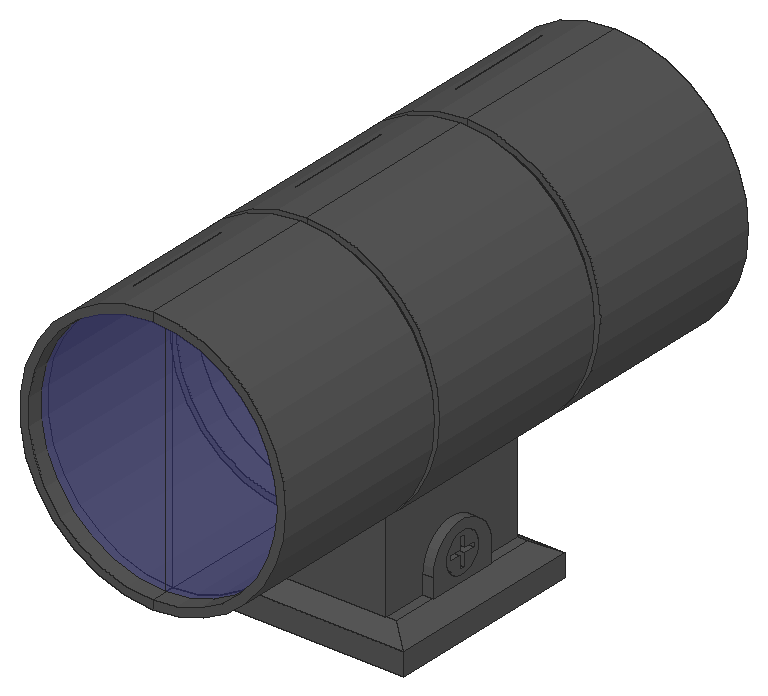
Revit family "CARLO CYLINDER LIGHT WALL MOUNT", category Lighting Fixtures, host Face, Revit 2020 (continued)
Types (10): name | Wattage_Input | Wattage Comments | Wattage | Photometric Web File | built-in parameter 1150142 | Model | built-in parameter 1150105 | Lumens | Light Length 1 | LIGHT RADIUS | LIGHT PLACEMENT | LIGHT LENGTH | LIGHT DIA | built-in parameter 1150106 | FIXED END HEIGHT | Curve base Height | Base Curve | BEAMING ANGLE | Apparent Load
    5.0375 4.807 4.5508 4.2957 4.0661 3.842 3.6058 \r\n 3.3742 3.1595 2.9574 2.774 2.5898 2.3744 2.1667 2.0101 1.8606 1.6739 \r\n 1.4936 1.3606 1.2387 1.0987 0.96134 0.84064 0.72788 0.61727 0.51414 0.4222 \r\n 0.34062 0.27089 0.2098 0.15481 0.10539 0.056941 0.019171 0.0043111 0.0002037 0 \r\n 0 0 0.0074418 0.043719 0.091773 0.13974 0.19343 0.2546 0.32356 0.40127 \r\n 0.48752 0.58193 0.68609 0.80248 0.92813 1.063 1.2008 1.3315 1.4684 1.6235 \r\n 1.7915 1.9743 2.1637 2.3501 2.5396 2.7374 2.9377 3.1319 3.3337 3.5598 \r\n 3.7919 4.0118 4.2359 4.4794 4.7276 4.9687 5.2088 5.4481 5.6925 5.9504 \r\n 6.2139 6.4763 6.7432 7.0226 7.3011 7.5616 7.8231 8.1049 8.3893 8.6652 \r\n 8.932 9.1827 9.4258 9.6724 9.9068 10.11 10.302 10.499 10.7 10.912 \r\n 11.131 11.353 11.585 11.832 12.1 12.395 12.72 13.081 13.474 13.894 \r\n 14.351 14.854 15.403 15.996 16.635 17.308 18.05 18.871 19.84 21.004 \r\n 22.444 24.344 26.441 28.381 30.623 33.592 37.034 40.019 44.998 53.561 \r\n 67.36 90.487 117.22 141.83 168.45 200.47 234.36 267.57 300.54 332.85 \r\n 364.46 395.59 424.94 451.48 474.53 492.36 507.07 519.84 531.72 544.3 \r\n 557.13 570.39 583.88 597.48 611.14 624.63 638.31 652.59 667.15 681.7 \r\n 696.56 711.8 727.87 745.02 763.99 785.96 809.94 835.63 862.09 888.49 \r\n 914.21 938.08 960.89 983.27 1004.5 1023.9 1042.2 1059.5 1076.2 1092.6 \r\n 1108.4 1123 1136.9 1150.8 1164.1 1176.9 1189.3 1201.7 1213.6 1224.2 \r\n 1234.1 1243.3 1252.3 1261.3 1270.6 1280.9 1291.3 1301.4 1310.9 1318.7 \r\n 1325.9 1333.2 1339.9 1345.8 1351 1355.9 1360 1362.7 1364.7 1366.6 \r\n 1368.5 1370.6 1372.9 1375.3 1377.9 1381.1 1384.1 1386.5 1388.4 1389.7 \r\n 1412.7 \r\n1391.1 1400.6 1399.3 1397.6 1395.1 1391.2 1386.9 1382.6 1378.8 1376.1 \r\n 1374 1372.4 1370.8 1368.3 1365 1360.6 1355.4 1349.5 1342.9 1335.7 \r\n 1327.9 1319.8 1311 1301.3 1291 1280.2 1269.4 1259.5 1249.8 1240 \r\n 1229.8 1218.9 1207.4 1195.4 1182.8 1169.8 1156.2 1142.5 1128.3 1113.1 \r\n 1097.2 1080.6 1063.2 1045.5 1026.9 1007.1 986.31 964.22 941 916.62 \r\n 891.38 865.09 839.2 815.03 792.79 773.52 756.05 739.61 723.99 708.64 \r\n 693.8 679.64 665.9 652.41 639.13 625.98 612.89 599.75 586.69 573.85 \r\n 561.07 548.39 535.35 522.57 506.89 484.52 457.99 428.14 396.27 364.11 \r\n 331.2 297.36 263.38 230.01 197.18 164.05 133.66 109.92 89.369 68.295 \r\n 51.333 43.761 39.944 35.563 31.956 29.105 26.764 24.663 22.867 21.366 \r\n 20.107 19.05 18.134 17.277 16.504 15.827 15.214 14.633 14.099 13.619 \r\n 13.178 12.769 12.381 11.997 11.637 11.319 11.028 10.748 10.495 10.287 \r\n 10.098 9.9027 9.7182 9.5574 9.4055 9.2558 9.0966 8.9056 8.7072 8.5305 \r\n 8.3396 8.0935 7.8376 7.6178 7.3923 7.1235 6.8442 6.576 6.3137 6.0632 \r\n 5.8138 5.5511 5.2932 5.0617 4.8312 4.5748 4.3191 4.0871 3.8621 3.6315 \r\n 3.4053 3.1896 2.9837 2.7936 2.6045 2.3933 2.1903 2.0309 1.8772 1.6894 \r\n 1.5089 1.3754 1.2539 1.1172 0.98197 0.85736 0.74026 0.6298 0.5284 0.43899 \r\n 0.35921 0.28778 0.22437 0.16893 0.11928 0.070368 0.030784 0.010031 0.0003022 0 \r\n 0 0.0014026 0.013685 0.05124 0.10072 0.15221 0.20987 0.27382 0.34624 0.43052 \r\n 0.52313 0.61979 0.72612 0.84916 0.98037 1.1131 1.2487 1.3841 1.5271 1.6866 \r\n 1.8562 2.0317 2.2155 2.4111 2.6101 2.8022 2.9962 3.1976 3.4069 3.6287 \r\n 3.8561 4.0814 4.3118 4.5552 4.8018 5.0414 5.2833 5.5351 5.7902 6.0411 \r\n 6.2969 6.5667 6.8427 7.1224 7.3997 7.6628 7.9267 8.2084 8.4903 8.7593 \r\n 9.019 9.2689 9.5079 9.7346 9.9487 10.146 10.336 10.525 10.72 10.932 \r\n 11.155 11.387 11.631 11.884 12.16 12.471 12.814 13.192 13.603 14.043 \r\n 14.519 15.038 15.601 16.214 16.875 17.568 18.338 19.191 20.226 21.536 \r\n 23.13 25.1 27.283 29.407 31.88 35.072 38.814 42.067 47.816 58.648 \r\n 74.712 98.425 125.57 151.79 179.97 212.48 246.51 280.06 313.17 345.16 \r\n 376.23 406.9 435.53 460.77 482.34 498.62 512.21 525.15 537.48 549.93 \r\n 562.6 575.97 589.62 603.27 616.99 630.7 644.58 658.81 673.37 688.26 \r\n 703.5 718.8 735.05 752.88 772.85 796.3 821.52 847.24 873.34 899.55 \r\n 925.02 948.55 970.94 992.78 1013.5 1032.5 1050.5 1067.6 1084.1 1100.3 \r\n 1115.8 1130 1143.7 1157.3 1170.7 1183.3 1195.6 1207.7 1219.1 1229.3 \r\n 1238.9 1248.2 1257.4 1266.6 1276 1286.1 1296.3 1306.2 1315.4 1323 \r\n 1330 1337.1 1343.7 1349.2 1353.9 1358.5 1362.2 1364.2 1365.8 1367.7 \r\n 1369.8 1372.1 1374.5 1377 1379.6 1382.7 1385.6 1387.7 1389.3 1390.4 \r\n 1412.7 \r\n1391.1 1400 1398.7 1397.2 1394.8 1391 1386.7 1382.5 1378.8 1376.1 \r\n 1374 1372.4 1370.7 1368.2 1364.9 1360.8 1355.9 1350.2 1343.8 1336.5 \r\n 1328.6 1320.6 1312 1302.4 1292.1 1281.1 1270.2 1260.3 1250.7 1240.8 \r\n 1230.7 1220.1 1209 1196.9 1184.3 1171.2 1157.7 1144.3 1130.3 1115.3 \r\n 1099.5 1083 1065.8 1048.2 1029.8 1010.2 989.58 967.7 944.74 920.81 \r\n 895.97 869.82 843.85 819.29 796.6 777.06 759.36 742.7 726.92 711.59 \r\n 696.78 682.42 668.48 654.98 641.68 628.3 615 601.87 588.88 576.08 \r\n 563.29 550.33 537.16 524.8 509.83 488.34 462.71 433.56 402.19 370.19 \r\n 337.22 303.14 268.91 235.59 202.83 169.51 138.99 115.74 95.261 72.435 \r\n 53.484 45.023 40.756 36.181 32.518 29.533 27.087 24.965 23.168 21.639 \r\n 20.341 19.235 18.274 17.393 16.606 15.913 15.288 14.7 14.159 13.673 \r\n 13.227 12.816 12.427 12.04 11.674 11.346 11.043 10.757 10.499 10.288 \r\n 10.097 9.9017 9.7173 9.555 9.4022 9.2547 9.0989 8.9126 8.7176 8.5381 \r\n 8.3443 8.1002 7.8478 7.6311 7.4088 7.1445 6.8681 6.5971 6.3329 6.0889 \r\n 5.8463 5.5832 5.3229 5.0905 4.8598 4.6045 4.3494 4.1144 3.8874 3.6622 \r\n 3.4414 3.2247 3.0149 2.8178 2.6236 2.4179 2.2207 2.0569 1.8975 1.7102 \r\n 1.531 1.3957 1.2728 1.139 1.006 0.87812 0.75711 0.646 0.54528 0.45783 \r\n 0.37953 0.3065 0.24082 0.18437 0.13389 0.084349 0.042868 0.015959 0.00038054 0 \r\n 0 0.0057109 0.022407 0.060464 0.11029 0.16517 0.22679 0.29312 0.36857 0.45928 \r\n 0.5581 0.65667 0.76483 0.89443 1.0311 1.1612 1.2943 1.435 1.5845 1.748 \r\n 1.9186 2.087 2.2651 2.4695 2.6773 2.8638 3.0518 3.2604 3.4772 3.6947 \r\n 3.9177 4.1492 4.3864 4.6289 4.8731 5.1122 5.3565 5.6197 5.8843 6.1292 \r\n 6.3784 6.6553 6.9398 7.2189 7.4945 7.7609 8.0279 8.3087 8.5874 8.8506 \r\n 9.1047 9.3548 9.5905 9.7979 9.9925 10.187 10.377 10.559 10.748 10.959 \r\n 11.186 11.427 11.682 11.942 12.226 12.552 12.912 13.306 13.733 14.193 \r\n 14.688 15.22 15.798 16.43 17.112 17.824 18.622 19.513 20.616 22.076 \r\n 23.82 25.844 28.096 30.41 33.122 36.481 40.576 44.541 51.488 64.628 \r\n 82.801 106.75 133.99 161.81 191.61 224.53 258.64 292.49 325.74 357.45 \r\n 388.03 418.18 446.05 469.95 490.04 504.95 517.59 530.7 543.47 555.8 \r\n 568.3 581.72 595.45 609.1 622.84 636.72 650.76 664.93 679.45 694.64 \r\n 710.22 725.62 742.11 760.65 781.61 806.46 832.81 858.52 884.23 910.19 \r\n 935.37 958.57 980.55 1001.8 1022 1040.6 1058.2 1075.2 1091.5 1107.5 \r\n 1122.7 1136.6 1149.9 1163.4 1176.7 1189.3 1201.4 1213.2 1224.2 1234 \r\n 1243.3 1252.7 1262.1 1271.5 1281.1 1291 1301 1310.7 1319.7 1327.2 \r\n 1333.9 1341 1347.4 1352.5 1356.9 1361 1364.4 1365.9 1367 1369 \r\n 1371.3 1373.7 1376.3 1378.8 1381.5 1384.4 1387.1 1389 1390.4 1391.3 \r\n 1412.7 \r\n1391.1 1399.5 1398.4 1396.9 1394.7 1391.1 1386.9 1382.9 1379.1 1376.3 \r\n 1374 1372.4 1370.6 1368.2 1365.2 1361.3 1356.7 1351.3 1345 1337.8 \r\n 1329.9 1322 1313.6 1304.1 1294 1283.1 1272.2 1262.3 1252.6 1242.6 \r\n 1232.5 1222.2 1211.3 1199.4 1186.8 1173.8 1160.4 1147.1 1133.2 1118.4 \r\n 1102.7 1086.3 1069.3 1051.9 1033.8 1014.4 993.95 972.33 949.69 926.14 \r\n 901.68 875.91 850.13 825.21 801.95 781.86 763.65 746.59 730.53 715.09 \r\n 700.24 685.86 671.9 658.33 644.93 631.41 617.98 604.76 591.71 578.9 \r\n 566.09 552.98 539.77 527.69 513.35 493.25 469.05 440.72 409.83 378 \r\n 345.03 310.9 276.62 243.35 210.61 177.2 146.4 122.57 101.22 77.137 \r\n 56.833 47.102 41.857 37.034 33.358 30.175 27.557 25.388 23.578 21.999 \r\n 20.646 19.478 18.463 17.556 16.754 16.041 15.4 14.801 14.253 13.756 \r\n 13.3 12.883 12.489 12.097 11.724 11.384 11.069 10.777 10.514 10.293 \r\n 10.095 9.8982 9.7133 9.5461 9.3896 9.2444 9.0941 8.9168 8.7292 8.5473 \r\n 8.3513 8.1167 7.8741 7.6565 7.4329 7.1759 6.9071 6.6365 6.3711 6.1288 \r\n 5.8878 5.6242 5.363 5.1293 4.8984 4.648 4.3964 4.1554 3.9226 3.7017 \r\n 3.486 3.2678 3.0544 2.8533 2.657 2.4569 2.2646 2.0946 1.929 1.746 \r\n 1.5711 1.4295 1.3 1.168 1.0379 0.90918 0.78594 0.6717 0.56792 0.47894 \r\n 0.39965 0.32601 0.25919 0.19941 0.14557 0.095351 0.052738 0.020569 0.000010 0 \r\n 0.000055 0.01325 0.037158 0.074741 0.12292 0.18022 0.2448 0.31199 0.38884 0.48448 \r\n 0.58803 0.68696 0.7954 0.92989 1.0707 1.1983 1.329 1.4746 1.6301 1.7967 \r\n 1.9678 2.1308 2.3046 2.5151 2.729 2.9101 3.0929 3.3075 3.5312 3.7471 \r\n 3.9682 4.2047 4.4471 4.6886 4.9313 5.1724 5.42 5.6878 5.9561 6.2002 \r\n 6.4486 6.7299 7.0187 7.2965 7.5709 7.8422 8.1137 8.3922 8.6676 8.9302 \r\n 9.185 9.4392 9.6758 9.8697 10.052 10.25 10.446 10.624 10.807 11.019 \r\n 11.249 11.494 11.755 12.022 12.315 12.653 13.026 13.43 13.869 14.346 \r\n 14.86 15.408 16 16.648 17.346 18.075 18.896 19.818 20.98 22.581 \r\n 24.457 26.484 28.749 31.223 34.126 37.373 41.856 47.811 57.119 72.226 \r\n 91.672 115.06 141.64 170.63 201.77 234.93 268.99 302.98 336.31 367.98 \r\n 398.32 428.01 455.12 477.74 496.52 510.54 522.65 535.83 548.84 561.18 \r\n 573.62 586.94 600.57 614.11 627.77 641.65 655.7 669.81 684.3 699.52 \r\n 715.22 730.89 747.8 766.95 788.65 814.46 841.57 867.37 892.84 918.41 \r\n 943.12 965.97 987.59 1008.4 1028 1046.4 1063.7 1080.4 1096.5 1112.2 \r\n 1127.1 1140.8 1154 1167.4 1180.5 1193.1 1205.1 1216.6 1227.3 1236.8 \r\n 1246 1255.5 1265.1 1274.7 1284.4 1294.5 1304.4 1314.1 1323 1330.5 \r\n 1337.4 1344.3 1350.6 1355.5 1359.6 1363.5 1366.6 1367.8 1368.7 1370.7 \r\n 1373.1 1375.5 1378.1 1380.8 1383.5 1386.2 1388.7 1390.5 1391.8 1392.4 \r\n 1412.7 \r\n1391.1 1399.3 1398.4 1397 1394.8 1391.4 1387.6 1383.6 1379.8 1376.8 \r\n 1374.2 1372.2 1370.4 1368.4 1365.7 1362.2 1357.8 1352.5 1346.4 1339.4 \r\n 1331.8 1323.9 1315.6 1306.4 1296.6 1286.1 1275.4 1265.4 1255.4 1245.4 \r\n 1235.3 1225.1 1214.5 1202.8 1190.4 1177.5 1164.2 1150.8 1137 1122.3 \r\n 1106.8 1090.5 1073.5 1056.6 1038.8 1019.7 999.39 978.1 955.82 932.57 \r\n 908.45 883.31 857.94 832.71 808.8 787.88 768.85 751.23 734.77 719.07 \r\n 704.13 689.89 676.07 662.37 648.79 635.23 621.75 608.35 595.12 582.24 \r\n 569.41 556.28 543.14 531.18 517.44 499.18 476.9 449.49 419.09 387.46 \r\n 354.55 320.6 286.46 253.24 220.43 186.99 155.71 130.2 107.07 82.32 \r\n 61.385 50.022 43.269 38.128 34.465 31.023 28.171 25.929 24.089 22.441 \r\n 21.015 19.774 18.699 17.764 16.944 16.209 15.547 14.937 14.379 13.867 \r\n 13.398 12.969 12.567 12.168 11.788 11.434 11.106 10.808 10.54 10.305 \r\n 10.093 9.8934 9.7077 9.5325 9.3698 9.2271 9.0841 8.9194 8.7429 8.5592 \r\n 8.3625 8.1443 7.9172 7.6951 7.4656 7.2187 6.9616 6.6945 6.4291 6.1833 \r\n 5.9385 5.6745 5.4136 5.1782 4.9474 4.7052 4.4599 4.2104 3.9682 3.75 \r\n 3.5388 3.3185 3.1022 2.9003 2.7051 2.5101 2.3211 2.1439 1.9718 1.7967 \r\n 1.6286 1.4767 1.3355 1.204 1.0775 0.95024 0.82648 0.70678 0.59634 0.50225 \r\n 0.4194 0.34603 0.27916 0.21384 0.1543 0.10329 0.060341 0.024298 0.000032 0 \r\n 0.00066092 0.02398 0.057389 0.093783 0.13873 0.19741 0.26385 0.33053 0.40726 0.50615 \r\n 0.61278 0.71069 0.81804 0.95547 1.099 1.2244 1.3535 1.5032 1.6636 1.8322 \r\n 2.0034 2.1634 2.3347 2.5484 2.7651 2.9415 3.1202 3.3393 3.5688 3.7861 \r\n 4.008 4.248 4.4935 4.7341 4.9762 5.2217 5.4734 5.7388 6.0049 6.2533 \r\n 6.5067 6.7893 7.0779 7.3539 7.6278 7.9052 8.1823 8.4576 8.7296 8.9967 \r\n 9.2582 9.5199 9.7611 9.9483 10.125 10.334 10.541 10.718 10.897 11.11 \r\n 11.342 11.587 11.848 12.123 12.425 12.772 13.154 13.562 14.008 14.501 \r\n 15.034 15.598 16.205 16.864 17.576 18.318 19.159 20.109 21.324 23.053 \r\n 25.038 27.024 29.251 31.848 34.894 37.784 42.706 51.856 64.602 81.291 \r\n 101.18 123.32 148.62 178.29 210.42 243.63 277.53 311.49 344.83 376.66 \r\n 407.04 436.27 462.61 484.01 501.66 515.29 527.3 540.41 553.45 565.92 \r\n 578.43 591.52 604.85 618.2 631.7 645.41 659.33 673.41 687.87 702.87 \r\n 718.49 734.59 752.1 771.77 793.96 820.25 847.73 873.73 899.13 924.15 \r\n 948.22 970.7 992.01 1012.4 1031.6 1049.7 1066.8 1083.3 1099 1114.4 \r\n 1129.1 1142.8 1156 1169.2 1182.2 1194.7 1206.7 1217.9 1228.4 1238 \r\n 1247.2 1256.8 1266.4 1276.2 1286.1 1296.4 1306.6 1316.3 1325.3 1333.1 \r\n 1340.2 1347.1 1353.2 1358.1 1362.2 1365.9 1368.7 1369.9 1370.8 1372.7 \r\n 1375 1377.5 1380.1 1382.9 1385.7 1388.1 1390.3 1392.1 1393.4 1393.9 \r\n 1412.7 \r\n1391.1 1399 1398.3 1396.9 1394.8 1391.8 1388.2 1384.4 1380.6 1377.2 \r\n 1374.3 1372.1 1370.2 1368.5 1366.3 1363.1 1358.9 1353.8 1347.8 1341 \r\n 1333.7 1325.9 1317.6 1308.6 1299.1 1289 1278.7 1268.5 1258.3 1248.2 \r\n 1238 1228 1217.7 1206.2 1194 1181.2 1168 1154.6 1140.8 1126.3 \r\n 1111 1094.8 1077.9 1061.3 1044 1025.1 1005 984.09 962.18 939.22 \r\n 915.45 890.97 866.08 840.58 816.04 794.22 774.26 756 739.08 723.07 \r\n 707.99 693.89 680.23 666.37 652.6 639.04 625.56 611.98 598.55 585.61 \r\n 572.78 559.67 546.64 534.72 521.48 505.09 484.82 458.45 428.65 397.28 \r\n 364.48 330.78 296.84 263.66 230.78 197.33 165.58 138.15 113.05 87.862 \r\n 66.53 53.38 44.89 39.338 35.641 31.923 28.835 26.502 24.618 22.898 \r\n 21.4 20.087 18.951 17.985 17.146 16.388 15.707 15.085 14.517 13.99 \r\n 13.505 13.065 12.652 12.248 11.861 11.494 11.153 10.85 10.577 10.327 \r\n 10.101 9.8992 9.7127 9.5299 9.3609 9.2198 9.083 8.9311 8.766 8.5804 \r\n 8.3829 8.1817 7.9704 7.7428 7.5064 7.2688 7.0233 6.7608 6.496 6.2454 \r\n 5.995 5.7307 5.4704 5.2328 5.0017 4.7681 4.5295 4.2719 4.0201 3.8034 \r\n 3.5952 3.373 3.1545 2.9523 2.7583 2.5685 2.3827 2.1978 2.0189 1.8521 \r\n 1.6912 1.5287 1.3752 1.2434 1.1197 0.99449 0.87075 0.74519 0.62739 0.52745 \r\n 0.44038 0.36705 0.30005 0.22903 0.16363 0.11168 0.068253 0.028165 0.000054 0 \r\n 0.002182 0.035631 0.078439 0.11372 0.15544 0.21522 0.28323 0.34946 0.42602 0.52741 \r\n 0.63639 0.73352 0.83996 0.97941 1.1249 1.2491 1.3773 1.5308 1.6952 1.8651 \r\n 2.0363 2.1949 2.3649 2.5801 2.7978 2.971 3.1471 3.3694 3.6033 3.8227 \r\n 4.0463 4.2896 4.5376 4.7769 5.0181 5.2684 5.5241 5.7853 6.0474 6.3014 \r\n 6.5611 6.8438 7.1307 7.4046 7.6779 7.9611 8.2435 8.515 8.7835 9.056 \r\n 9.3253 9.5935 9.8387 10.022 10.197 10.416 10.636 10.812 10.989 11.204 \r\n 11.437 11.68 11.941 12.223 12.534 12.889 13.278 13.69 14.141 14.649 \r\n 15.2 15.779 16.4 17.07 17.794 18.552 19.419 20.412 21.693 23.538 \r\n 25.616 27.563 29.756 32.461 35.654 38.236 43.698 56.267 72.626 90.798 \r\n 110.98 131.92 155.96 186.16 219.1 252.29 285.97 319.82 353.11 385.11 \r\n 415.48 444.15 469.61 489.79 506.39 519.79 531.86 544.87 557.85 570.46 \r\n 583.05 595.89 608.89 622.04 635.37 648.88 662.64 676.71 691.15 705.91 \r\n 721.46 738.07 756.26 776.47 799.12 825.72 853.39 879.54 904.88 929.31 \r\n 952.7 974.81 995.8 1015.7 1034.6 1052.4 1069.3 1085.5 1101 1116 \r\n 1130.5 1144.2 1157.4 1170.6 1183.4 1195.8 1207.7 1218.7 1229 1238.7 \r\n 1248.1 1257.6 1267.3 1277.3 1287.5 1298.1 1308.5 1318.2 1327.2 1335.4 \r\n 1342.8 1349.7 1355.7 1360.6 1364.7 1368.2 1370.8 1372 1373 1374.8 \r\n 1377 1379.5 1382.1 1385.1 1387.9 1390.1 1392 1393.8 1395.1 1395.5 \r\n 1412.7 \r\n1391.1 1398.7 1398.2 1396.8 1394.7 1391.9 1388.7 1385 1381.2 1377.5 \r\n 1374.3 1371.9 1370 1368.6 1366.8 1363.8 1359.9 1354.8 1349 1342.5 \r\n 1335.4 1327.7 1319.4 1310.7 1301.5 1291.8 1281.7 1271.4 1261 1250.7 \r\n 1240.6 1230.7 1220.5 1209.3 1197.3 1184.8 1171.7 1158.3 1144.4 1130.1 \r\n 1115.1 1099 1082.3 1066 1049.1 1030.4 1010.6 990.07 968.54 945.87 \r\n 922.43 898.6 874.18 848.49 823.38 800.62 779.66 760.73 743.3 726.93 \r\n 711.66 697.67 684.14 670.1 656.13 642.61 629.18 615.42 601.82 588.84 \r\n 576.04 562.99 550.08 538.14 525.32 510.69 492.37 467.17 438.12 407.1 \r\n 374.47 341.08 307.38 274.22 241.24 207.8 175.56 146.16 119.09 93.671 \r\n 72.132 57.103 46.71 40.638 36.83 32.833 29.523 27.085 25.14 23.351 \r\n 21.788 20.404 19.208 18.211 17.352 16.571 15.87 15.239 14.662 14.12 \r\n 13.619 13.166 12.744 12.334 11.942 11.563 11.21 10.904 10.626 10.363 \r\n 10.124 9.9193 9.7324 9.5432 9.3688 9.2279 9.0957 8.9553 8.8009 8.6134 \r\n 8.415 8.2296 8.0328 7.7996 7.5559 7.3259 7.0905 6.8331 6.5698 6.3136 \r\n 6.0569 5.7921 5.5325 5.2923 5.0604 4.8348 4.6026 4.3382 4.078 3.8608 \r\n 3.6538 3.4303 3.2104 3.0079 2.8149 2.6298 2.447 2.2545 2.0688 1.9097 \r\n 1.7557 1.5832 1.4181 1.2851 1.1634 1.0401 0.91669 0.78546 0.66036 0.55441 \r\n 0.46282 0.38899 0.32145 0.24515 0.17436 0.12131 0.077026 0.03243 0.000073 0 \r\n 0.0049263 0.047555 0.098805 0.13345 0.1
